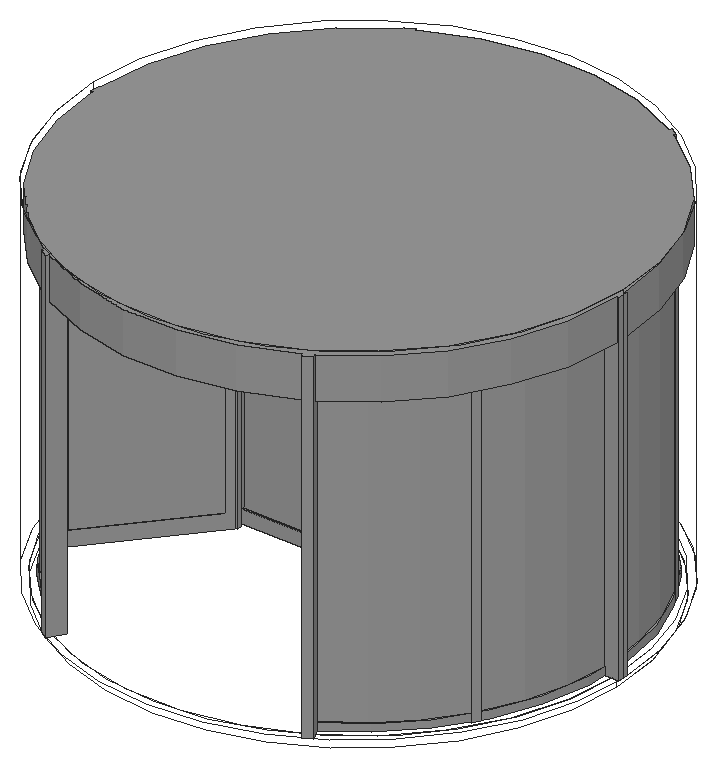
Revit family "RevolvingDoor-dormakaba-KTC_2_Automatic_WallHosted", category Türen, Revit 2018
Family settings
  Basisbauteil = Wand
  OmniClass-Nummer = 23.30.10.17.21
  OmniClass-Titel = Revolving Doors
  Immer vertikal = Ja
  Beim Laden mit Abzugskörper schneiden = Nein
  Gemeinsam genutzt = Nein
  Raumberechnungspunkt = Nein
Parameters (values of type "D3600 With Showcase - Stainless Steel Finish")
  Youtube clip = ""
  URL = "http://www.dorma.com/au/en/products/opening_closing/revolving_doors/ktc-2_en/index-16490-16605-29685.html"
  Typenbild = RevolvingDoor-dormakaba-KTC_2_Automatic_WShowcase_DoorClose.jpg
  Typenkommentare = "Adjust Passage Height (PH) and Canopy Height (CH) to suit"
  Technical description = "https://www.dormakaba.com/resource/blob/179742/3bf65e0c622921a63a9846dfcf28808c/ktc-2-technical-brochure-0813-pdf-data.pdf"
  Sliding Door in OPEN position = not(Sliding Door in CLOSE position)  # no
  Sliding Door in CLOSE position = yes
  Product url = "https://www.dormakaba.com/au-en/products---solutions/products/entrance-systems/revolving-doors/ktc-2-299914"
  Product group = "Revolving Doors"
  Product family = "Doors"
  Product certification = "https://www.dormakaba.com/resource/blob/141262/d8a7a64882db232bbccb94bcdbe00ae8/certificate-ktc-2---din-en-pdf-data.pdf"
  Product SKU = "RD_KTC2"
  Product Brochure = "http://products.dorma.com/content/download/12650/108674/KTC_2_Technical_Brochure_0813.pdf"
  Power Supply = "240V 15Amp Single Phase to the top of canopy"
  Passage Height Range = "2100mm to 3000mm (depending on Internal Diameter, refer Dormakaba catalogue for detail)"
  Passage Height PH (mm) = 2200 mm
  Overall Height H (mm) = Height Limit Control + Canopy Height Limit Control  # 2500 mm
  Nominal width = 0 mm
  Nominal height = 0 mm
  Modell = "KTC-2 Revolving Door"
  Material secondary = "Glass"
  Material main = "Aluminium"
  Manufacturer name = "dormakaba"
  Manufacturer country = "China"
  Hersteller = "dormakaba"
  Internal Diameter Range = "3600, 4200, 4800, 5400mm"
  Internal Diameter Limit Control = if([Internal Diameter D (mm)] < 3600 mm, 3600 mm, if([Internal Diameter D (mm)] > 5400 mm, 5400 mm, [Internal Diameter D (mm)]))  # 3600 mm
  Internal Diameter D (mm) = 3600 mm
  Installation instructions = ""
  Height Limit Control = if([Passage Height PH (mm)] < 2100 mm, 2100 mm, if([Passage Height PH (mm)] > 3000 mm, 3000 mm, [Passage Height PH (mm)]))  # 2200 mm
  Glazing Material = Glass-dormakaba-ClearSafety
  Funktion = Außen
  Finish - Powdercoated Aluminium = not([Finish - Stainless Steel Cladding])  # no
  Finish - Stainless Steel Cladding = yes
  Finish = StainlessSteel-dormakaba-Cladding
  Facade Vertical Opening (mm) = [Overall Height H (mm)] + 40 mm  # 2540 mm
  Facade Opening Clearance Zone = yes
  Facade Horizontal Opening (mm) = [External Diameter B1 (mm)] + 20 mm  # 3866 mm
  External Diameter B1 (mm) = if([Finish - Stainless Steel Cladding], Internal Diameter Limit Control + 246 mm, Internal Diameter Limit Control + 241 mm)  # 3846 mm
  Edition number = 1
  EAN code = ""
  Door Foundation Diameter (mm) = Internal Diameter Limit Control + 165 mm  # 3765 mm
  Door Foundation Clearance Zone = yes
  Design country = "Germany"
  Beschreibung = "Revolving doors two-wing design - A sophisticated entrance system offering both safety and ease of access. High traffic capacity, very effective during peak traffic periods, while also offering unbeatable safety. And there are major additional benefits to be had from the suitability of these doors as display and advertising spaces."
  Date of publishing = ""
  Konstruktionstyp = "Dorma KTC-2 Revolving Door Automatic Operation"
  Clear Opening Width A (mm) = 1618 mm + (Internal Diameter Limit Control - 3600 mm) / 2  # 1618 mm
  Canopy Height Range = "300mm to 700mm"
  Canopy Height Limit Control = if([Canopy Height CH (mm)] < 300 mm, 300 mm, if([Canopy Height CH (mm)] > 700 mm, 700 mm, [Canopy Height CH (mm)]))  # 300 mm
  Canopy Height CH (mm) = 300 mm
  Canopy Diameter B2 (mm) = Internal Diameter Limit Control + 220 mm  # 3820 mm
  Brand url = "http://www.dormakaba.com"
  Baugruppenkennzeichen = "B2030300"
  With Showcase = not(Without Showcase)  # yes
  Without Showcase = no
Types (12, lengths in mm): name | Typenbild | Modell | Internal Diameter Limit Control | Internal Diameter D (mm) | Finish - Powdercoated Aluminium | Finish - Stainless Steel Cladding | Finish | Facade Horizontal Opening (mm) | External Diameter B1 (mm) | Door Foundation Diameter (mm) | Clear Opening Width A (mm) | Canopy Diameter B2 (mm) | With Showcase | Without Showcase
  D3600 Without Showcase - Stainless Steel Finish | RevolvingDoor-dormakaba-KTC_2_Automatic_WOShowcase_DoorClose.jpg | "KTC-2 Revolving Door" | 3600 | 3600 | no | yes | StainlessSteel-dormakaba-Cladding | 3866 | 3846 | 3765 | 1618 | 3820 | no | yes
  D4200 Without Showcase - Stainless Steel Finish | RevolvingDoor-dormakaba-KTC_2_Automatic_WOShowcase_DoorClose.jpg | "KTC 2 Revolving Door" | 4200 | 4200 | no | yes | StainlessSteel-dormakaba-Cladding | 4466 | 4446 | 4365 | 1918 | 4420 | no | yes
  D4200 With Showcase - Stainless Steel Finish | RevolvingDoor-dormakaba-KTC_2_Automatic_WShowcase_DoorClose.jpg | "KTC-2 Revolving Door" | 4200 | 4200 | no | yes | StainlessSteel-dormakaba-Cladding | 4466 | 4446 | 4365 | 1918 | 4420 | yes | no
  D3600 With Showcase - Stainless Steel Finish | RevolvingDoor-dormakaba-KTC_2_Automatic_WShowcase_DoorClose.jpg | "KTC-2 Revolving Door" | 3600 | 3600 | no | yes | StainlessSteel-dormakaba-Cladding | 3866 | 3846 | 3765 | 1618 | 3820 | yes | no
  D4800 With Showcase - Stainless Steel Finish | RevolvingDoor-dormakaba-KTC_2_Automatic_WShowcase_DoorClose.jpg | "KTC-2 Revolving Door" | 4800 | 4800 | no | yes | StainlessSteel-dormakaba-Cladding | 5066 | 5046 | 4965 | 2218 | 5020 | yes | no
  D5400 With Showcase - Stainless Steel Finish | RevolvingDoor-dormakaba-KTC_2_Automatic_WShowcase_DoorClose.jpg | "KTC-2 Revolving Door" | 5400 | 5400 | no | yes | StainlessSteel-dormakaba-Cladding | 5666 | 5646 | 5565 | 2518 | 5620 | yes | no
  D3600 With Showcase - Powdercoat Finish | RevolvingDoor-dormakaba-KTC_2_Automatic_WShowcase_DoorClose.jpg | "KTC-2 Revolving Door" | 3600 | 3600 | yes | no | Aluminium-dormakaba-Powdercoated | 3861 | 3841 | 3765 | 1618 | 3820 | yes | no
  D3600 Without Showcase - Powdercoat Finish | RevolvingDoor-dormakaba-KTC_2_Automatic_WOShowcase_DoorClose.jpg | "KTC-2 Revolving Door" | 3600 | 3600 | yes | no | Aluminium-dormakaba-Powdercoated | 3861 | 3841 | 3765 | 1618 | 3820 | no | yes
  D4200 With Showcase - Powdercoat Finish | RevolvingDoor-dormakaba-KTC_2_Automatic_WShowcase_DoorClose.jpg | "KTC-2 Revolving Door" | 4200 | 4200 | yes | no | Aluminium-dormakaba-Powdercoated | 4461 | 4441 | 4365 | 1918 | 4420 | yes | no
  D4200 Without Showcase - Powdercoat Finish | RevolvingDoor-dormakaba-KTC_2_Automatic_WOShowcase_DoorClose.jpg | "KTC 2 Revolving Door" | 4200 | 4200 | yes | no | Aluminium-dormakaba-Powdercoated | 4461 | 4441 | 4365 | 1918 | 4420 | no | yes
  D4800 With Showcase - Powdercoat Finish | RevolvingDoor-dormakaba-KTC_2_Automatic_WShowcase_DoorClose.jpg | "KTC-2 Revolving Door" | 4800 | 4800 | yes | no | Aluminium-dormakaba-Powdercoated | 5061 | 5041 | 4965 | 2218 | 5020 | yes | no
  D5400 With Showcase - Powdercoat Finish | RevolvingDoor-dormakaba-KTC_2_Automatic_WShowcase_DoorClose.jpg | "KTC-2 Revolving Door" | 5400 | 5400 | yes | no | Aluminium-dormakaba-Powdercoated | 5661 | 5641 | 5565 | 2518 | 5620 | yes | no
Reference planes
  plane 1 "Wall": y = 0
  plane 2 "Center (Left/Right)": x = 125
  plane 3 "Back": y = 75
Lines and regions (mm)
  Opening 1
    outline origin (-5000, -75, 0) x (1, 0, 0) y (0, 0, 1)
      loop
        line (3192, 0) -> (7058, 0) -> (7058, 2540) -> (3192, 2540) -> (3192, 0)
Text (mm)
  text "Placement Side" at (-3074.232, 985.861, 0), in view "Ref. Level"
  text "Placement side" at (0, 1409.804, 2854.306), in view "Left"
  text "Placement side" at (0, 499.811, 2980.732), in view "Right"
Dimensions and locks
  locked: plane 3 "Back" to host wall
  equal spacing: Opening 1 sketch curve, plane 2 "Center (Left/Right)", Opening 1 sketch curve
  "Facade Horizontal Opening (mm)": Opening 1 sketch curve to Opening 1 sketch curve
  "Facade Vertical Opening (mm)": Opening 1 sketch curve to level
  aligned and locked: host wall to plane 1 "Wall"
  aligned and locked: nested 1 to plane 2 "Center (Left/Right)"
  aligned and locked: nested 1 to host wall
Automatic sketch dimensions
  Opening 1 sketch curve to level = 0 mm
Nested families
  nested 1: "KTC 2  Revolver AUS" at (125, 0, 0), type "KTC 2"
Definition of nested family "KTC 2  Revolver AUS"
  Parameters (values of type "KTC 2")
    URL = "http://www.dorma.com/au/en/products/opening_closing/revolving_doors/ktc-2_en/index-16490-16605-29685.html"
    Type Image = (empty or 0)
    Type Comments = ""
    Sliding Door in OPEN position = not(Sliding Door in CLOSE position)  # no
    Sliding Door in CLOSE position = yes
    Product Brochure = "http://products.dorma.com/content/download/12650/108674/KTC_2_Technical_Brochure_0813.pdf"
    Power Supply = "240V 15Amp Single Phase to the top of canopy"
    Passage Height Range = "2100mm to 3000mm (depending on Internal Diameter, refer Dormakaba catalogue for detail)"
    Passage Height PH (mm) = 2200 mm
    Overall Height H (mm) = Height Limit Control + [Canopy Height CH (mm)]  # 2500 mm
    Model = "KTC 2 Revolving Door"
    Manufacturer = "dormakaba"
    Internal Diameter Range = "3600, 4200, 4800, 5400mm"
    Internal Diameter Limit Control = if([Internal Diameter D (mm)] < 3600 mm, 3600 mm, if([Internal Diameter D (mm)] > 5400 mm, 5400 mm, [Internal Diameter D (mm)]))  # 3600 mm
    Internal Diameter D (mm) = 3600 mm
    Height Limit Control = if([Passage Height PH (mm)] < 2100 mm, 2100 mm, if([Passage Height PH (mm)] > 3000 mm, 3000 mm, [Passage Height PH (mm)]))  # 2200 mm
    Glazing Material = none
    Function = 1
    Finish - Powdercoated Aluminium = not([Finish - Stainless Steel Cladding])  # no
    Finish - Stainless Steel Cladding = yes
    Finish = none
    Facade Vertical Opening (mm) = [Overall Height H (mm)] + 40 mm  # 2540 mm
    Facade Opening Clearance Zone = yes
    Facade Horizontal Opening (mm) = [External Diameter B1 (mm)] + 20 mm  # 3866 mm
    External Diameter B1 (mm) = if([Finish - Stainless Steel Cladding], Internal Diameter Limit Control + 246 mm, Internal Diameter Limit Control + 241 mm)  # 3846 mm
    Door Foundation Diameter (mm) = Internal Diameter Limit Control + 165 mm  # 3765 mm
    Door Foundation Clearance Zone = yes
    Description = "Revolving doors two-wing design - A sophisticated entrance system offering both safety and ease of access. High traffic capacity, very effective during peak traffic periods, while also offering unbeatable safety. And there are major additional benefits to be had from the suitability of these doors as display and advertising spaces."
    Construction Type = "Dorma KTC 2 Revolving Door Automatic Operation"
    Clear Opening Width A (mm) = 1618 mm + (Internal Diameter Limit Control - 3600 mm) / 2  # 1618 mm
    Canopy Height Range = "300mm to 700mm"
    Canopy Height CH (mm) = 300 mm
    Canopy Diameter B2 (mm) = Internal Diameter Limit Control + 220 mm  # 3820 mm
    BIM Version = "V17.11.17 - LK"
    Assembly Code = "B2030300"
    Analytic Construction = "<None>"
    With Showcase = not(Without Showcase)  # no
    Without Showcase = yes
  Reference planes
    plane 1 "Center (Front/Back)": y = 0
    plane 2: z = 0
    plane 3 "Center (Left/Right)": x = 0
    plane 4 "Ceiling": z = 2200
    plane 5 "Roof": z = 2500
  Forms (mm)
    Extrusion 1, solid, material <- "Finish"
      sketch origin (0, 0, 0) x (1, 0, 0) y (0, 1, 0)
        loop
          line (1798, -36.5) -> (1923, -36.5) -> (1923, 36.5) -> (1798, 36.5) -> (1798, -36.5)
        loop
          line (-1923, 36.5) -> (-1923, -36.5) -> (-1798, -36.5) -> (-1798, 36.5) -> (-1923, 36.5)
        loop
          line (-931.89, -1687.081) -> (-868.39, -1577.096) -> (-931.61, -1540.596) -> (-995.11, -1650.581) -> (-931.89, -1687.081)
        loop
          line (931.89, -1687.081) -> (995.11, -1650.581) -> (931.61, -1540.596) -> (868.39, -1577.096) -> (931.89, -1687.081)
        loop
          line (-931.89, 1687.081) -> (-995.11, 1650.581) -> (-931.61, 1540.596) -> (-868.39, 1577.096) -> (-931.89, 1687.081)
        loop
          line (931.89, 1687.081) -> (868.39, 1577.096) -> (931.61, 1540.596) -> (995.11, 1650.581) -> (931.89, 1687.081)
      from 0 to 2500 <- "Overall Height H (mm)"
    Extrusion 2, solid, visible <- "Door Foundation Clearance Zone"
      sketch origin (0, 0, 0) x (1, 0, 0) y (0, 1, 0)
        loop
          circle (0, 0) r 1882.5
      from 0 to -80
    Extrusion 3, solid, visible <- "Facade Opening Clearance Zone"
      sketch origin (0, 0, 0) x (1, 0, 0) y (0, 1, 0)
        loop
          circle (0, 0) r 1933
      from 0 to 2540 <- "Facade Vertical Opening (mm)"
    Extrusion 4, solid, material <- "Finish"
      sketch origin (0, 0, 2200) x (-1, 0, 0) y (0, -1, 0)
        loop
          circle (0, 0) r 1910
      from 0 to 300 <- "Canopy Height CH (mm)"
    Extrusion 5, solid, material <- "Finish"
      sketch origin (0, 0, 0) x (1, 0, 0) y (0, 1, 0)
        loop
          line (-1545.096, -923.816) -> (-1572.596, -876.184) -> (-1600.309, -892.184) -> (-1572.809, -939.816) -> (-1545.096, -923.816)
        loop
          line (1545.096, -923.816) -> (1572.809, -939.816) -> (1600.309, -892.184) -> (1572.596, -876.184) -> (1545.096, -923.816)
        loop
          line (-1545.096, 923.816) -> (-1572.809, 939.816) -> (-1600.309, 892.184) -> (-1572.596, 876.184) -> (-1545.096, 923.816)
        loop
          line (1545.096, 923.816) -> (1572.596, 876.184) -> (1600.309, 892.184) -> (1572.809, 939.816) -> (1545.096, 923.816)
      from 0 to 2200 <- "Height Limit Control"
    Extrusion 6, solid, material <- "Finish"
      sketch origin (0, 0, 0) x (1, 0, 0) y (0, 1, 0)
        loop
          line (-900, 1558.846) -> (-916, 1586.559)
          arc (-916, 1586.559) -> (-1832, 0) -> (-916, -1586.559) r 1832
          line (-916, -1586.559) -> (-900, -1558.846)
          arc (-900, -1558.846) -> (-1800, 0) -> (-900, 1558.846) r 1800
        loop
          arc (900, 1558.846) -> (1800, 0) -> (900, -1558.846) r 1800
          line (900, -1558.846) -> (916, -1586.559)
          arc (916, -1586.559) -> (1832, 0) -> (916, 1586.559) r 1832
          line (916, 1586.559) -> (900, 1558.846)
      from 0 to 55
    Extrusion 7, solid, material <- "Glazing Material"
      sketch origin (0, 0, 0) x (1, 0, 0) y (0, 1, 0)
        loop
          line (-1551.843, -927.711) -> (-1559.638, -932.212)
          arc (-1559.638, -932.212) -> (-1287.992, -1281.627) -> (-939.927, -1555.001) r 1817
          line (-939.927, -1555.001) -> (-935.426, -1547.205)
          arc (-935.426, -1547.205) -> (-1281.628, -1275.263) -> (-1551.843, -927.711) r 1808
        loop
          line (-1807.632, -36.5) -> (-1816.633, -36.5)
          arc (-1816.633, -36.5) -> (-1753.917, -474.62) -> (-1587.138, -884.58) r 1817
          line (-1587.138, -884.58) -> (-1579.343, -880.08)
          arc (-1579.343, -880.08) -> (-1745.224, -472.291) -> (-1807.632, -36.5) r 1808
        loop
          arc (1551.843, -927.711) -> (1281.628, -1275.263) -> (935.426, -1547.205) r 1808
          line (935.426, -1547.205) -> (939.927, -1555.001)
          arc (939.927, -1555.001) -> (1287.992, -1281.627) -> (1559.638, -932.212) r 1817
          line (1559.638, -932.212) -> (1551.843, -927.711)
        loop
          arc (1807.632, -36.5) -> (1745.224, -472.291) -> (1579.343, -880.08) r 1808
          line (1579.343, -880.08) -> (1587.138, -884.58)
          arc (1587.138, -884.58) -> (1753.917, -474.62) -> (1816.633, -36.5) r 1817
          line (1816.633, -36.5) -> (1807.632, -36.5)
        loop
          arc (-1551.843, 927.711) -> (-1281.628, 1275.263) -> (-935.426, 1547.205) r 1808
          line (-935.426, 1547.205) -> (-939.927, 1555.001)
          arc (-939.927, 1555.001) -> (-1287.992, 1281.627) -> (-1559.638, 932.212) r 1817
          line (-1559.638, 932.212) -> (-1551.843, 927.711)
        loop
          arc (-1807.632, 36.5) -> (-1745.224, 472.291) -> (-1579.343, 880.08) r 1808
          line (-1579.343, 880.08) -> (-1587.138, 884.58)
          arc (-1587.138, 884.58) -> (-1753.917, 474.62) -> (-1816.633, 36.5) r 1817
          line (-1816.633, 36.5) -> (-1807.632, 36.5)
        loop
          line (1551.843, 927.711) -> (1559.638, 932.212)
          arc (1559.638, 932.212) -> (1287.992, 1281.627) -> (939.927, 1555.001) r 1817
          line (939.927, 1555.001) -> (935.426, 1547.205)
          arc (935.426, 1547.205) -> (1281.628, 1275.263) -> (1551.843, 927.711) r 1808
        loop
          line (1807.632, 36.5) -> (1816.633, 36.5)
          arc (1816.633, 36.5) -> (1753.917, 474.62) -> (1587.138, 884.58) r 1817
          line (1587.138, 884.58) -> (1579.343, 880.08)
          arc (1579.343, 880.08) -> (1745.224, 472.291) -> (1807.632, 36.5) r 1808
      from 55 to 2200 <- "Height Limit Control"
    Extrusion 8, solid, material <- "Finish"
      sketch origin (0, 0, 0) x (1, 0, 0) y (0, 1, 0)
        loop
          arc (-1595.102, 743.808) -> (-1758.325, -76.77) -> (-1524.205, -880) r 1760
          line (-1524.205, -880) -> (-1501.688, -867)
          arc (-1501.688, -867) -> (-1732.35, -75.636) -> (-1571.538, 732.82) r 1734
          line (-1571.538, 732.82) -> (-1595.102, 743.808)
        loop
          line (1524.205, 880) -> (1501.688, 867)
          arc (1501.688, 867) -> (1732.35, 75.636) -> (1571.538, -732.82) r 1734
          line (1571.538, -732.82) -> (1595.102, -743.808)
          arc (1595.102, -743.808) -> (1758.325, 76.77) -> (1524.205, 880) r 1760
      from 40 to 140
    Extrusion 9, solid, material <- "Finish"
      sketch origin (0, 0, 2200) x (-1, 0, 0) y (0, -1, 0)
        loop
          line (1571.538, -732.82) -> (1595.102, -743.808)
          arc (1595.102, -743.808) -> (1758.325, 76.77) -> (1524.205, 880) r 1760
          line (1524.205, 880) -> (1501.688, 867)
          arc (1501.688, 867) -> (1732.35, 75.636) -> (1571.538, -732.82) r 1734
        loop
          line (-1571.538, 732.82) -> (-1595.102, 743.808)
          arc (-1595.102, 743.808) -> (-1758.325, -76.77) -> (-1524.205, -880) r 1760
          line (-1524.205, -880) -> (-1501.688, -867)
          arc (-1501.688, -867) -> (-1732.35, -75.636) -> (-1571.538, 732.82) r 1734
      from 0 to -100
    Extrusion 10, solid, material <- "Finish"
      sketch origin (0, 0, 0) x (1, 0, 0) y (0, 1, 0)
        loop
          line (-1571.538, 732.82) -> (-1595.102, 743.808)
          arc (-1595.102, 743.808) -> (-1611.599, 707.354) -> (-1627.262, 670.535) r 1760
          line (-1627.262, 670.535) -> (-1603.674, 659.535)
          arc (-1603.674, 659.535) -> (-1588.029, 696.363) -> (-1571.538, 732.82) r 1734
        loop
          line (-1524.205, -880) -> (-1501.688, -867)
          arc (-1501.688, -867) -> (-1521.294, -832.119) -> (-1540.089, -796.795) r 1734
          line (-1540.089, -796.795) -> (-1562.629, -809.808)
          arc (-1562.629, -809.808) -> (-1543.816, -845.123) -> (-1524.205, -880) r 1760
        loop
          line (1524.205, 880) -> (1501.688, 867)
          arc (1501.688, 867) -> (1521.294, 832.119) -> (1540.089, 796.795) r 1734
          line (1540.089, 796.795) -> (1562.629, 809.808)
          arc (1562.629, 809.808) -> (1543.816, 845.123) -> (1524.205, 880) r 1760
        loop
          line (1571.538, -732.82) -> (1595.102, -743.808)
          arc (1595.102, -743.808) -> (1611.599, -707.354) -> (1627.262, -670.535) r 1760
          line (1627.262, -670.535) -> (1603.674, -659.535)
          arc (1603.674, -659.535) -> (1588.029, -696.363) -> (1571.538, -732.82) r 1734
      from 40 to 2200 <- "Height Limit Control"
    Extrusion 11, solid, material <- "Glazing Material"
      sketch origin (0, 0, 0) x (1, 0, 0) y (0, 1, 0)
        loop
          line (-1612.746, 663.766) -> (-1618.19, 666.304)
          arc (-1618.19, 666.304) -> (-1748.334, -76.334) -> (-1553.96, -804.803) r 1750
          line (-1553.96, -804.803) -> (-1548.758, -801.8)
          arc (-1548.758, -801.8) -> (-1742.34, -76.072) -> (-1612.746, 663.766) r 1744
        loop
          arc (1548.758, 801.8) -> (1742.34, 76.072) -> (1612.746, -663.766) r 1744
          line (1612.746, -663.766) -> (1618.19, -666.304)
          arc (1618.19, -666.304) -> (1748.334, 76.334) -> (1553.96, 804.803) r 1750
          line (1553.96, 804.803) -> (1548.758, 801.8)
      from 140 to 2200 <- "Height Limit Control"
    Extrusion 12, solid, material <- "Finish"
      sketch origin (0, 0, 0) x (1, 0, 0) y (0, 1, 0)
        loop
          line (-827.5, -42) -> (-1733.491, -42)
          arc (-1733.491, -42) -> (-1733.127, -55.002) -> (-1732.666, -68) r 1734
          line (-1732.666, -68) -> (-827.5, -68) -> (-827.5, -42)
        loop
          line (827.5, 42) -> (1733.491, 42)
          arc (1733.491, 42) -> (1733.127, 55.002) -> (1732.666, 68) r 1734
          line (1732.666, 68) -> (827.5, 68) -> (827.5, 42)
      from 40 to 164
    Extrusion 13, solid, material <- "Finish"
      sketch origin (0, 0, 2200) x (-1, 0, 0) y (0, -1, 0)
        loop
          arc (1733.491, 42) -> (1733.127, 55.002) -> (1732.666, 68) r 1734
          line (1732.666, 68) -> (827.5, 68) -> (827.5, 42) -> (1733.491, 42)
        loop
          line (-827.5, -42) -> (-1733.491, -42)
          arc (-1733.491, -42) -> (-1733.127, -55.002) -> (-1732.666, -68) r 1734
          line (-1732.666, -68) -> (-827.5, -68) -> (-827.5, -42)
      from 0 to -124
    Extrusion 14, solid, material <- "Finish"
      sketch origin (0, 0, 0) x (1, 0, 0) y (0, 1, 0)
        loop
          line (-953.5, -42) -> (-953.5, -68) -> (-827.5, -68) -> (-827.5, -42) -> (-953.5, -42)
        loop
          arc (-1733.491, -42) -> (-1733.127, -55.002) -> (-1732.666, -68) r 1734
          line (-1732.666, -68) -> (-1625.491, -68) -> (-1625.491, -42) -> (-1733.491, -42)
        loop
          line (827.5, 42) -> (953.5, 42) -> (953.5, 68) -> (827.5, 68) -> (827.5, 42)
        loop
          line (1732.666, 68) -> (1625.491, 68) -> (1625.491, 42) -> (1733.491, 42)
          arc (1733.491, 42) -> (1733.127, 55.002) -> (1732.666, 68) r 1734
      from 40 to 2200 <- "Height Limit Control"
    Extrusion 15, solid, material <- "Glazing Material"
      sketch origin (0, 0, 0) x (1, 0, 0) y (0, 1, 0)
        loop
          line (-1625.491, -58) -> (-953.5, -58) -> (-953.5, -52) -> (-1625.491, -52) -> (-1625.491, -58)
        loop
          line (953.5, 52) -> (1625.491, 52) -> (1625.491, 58) -> (953.5, 58) -> (953.5, 52)
      from 164 to 2200 <- "Height Limit Control"
    Extrusion 16, solid, material <- "Finish", visible <- "With Showcase"
      sketch origin (0, 0, 0) x (1, 0, 0) y (0, 1, 0)
        loop
          line (-841.414, -77.168) -> (-873.348, -72.11) -> (-1498.737, -844.401) -> (-1487.15, -874.585) -> (-841.414, -77.168)
        loop
          line (838.817, 76.906) -> (870.751, 71.848) -> (1497.495, 845.813) -> (1485.908, 875.997) -> (838.817, 76.906)
      from 40 to 140
    Extrusion 17, solid, material <- "Finish", visible <- "With Showcase"
      sketch origin (0, 0, 2200) x (-1, 0, 0) y (0, -1, 0)
        loop
          line (1498.737, 844.401) -> (1487.15, 874.585) -> (841.414, 77.168) -> (873.348, 72.11) -> (1498.737, 844.401)
        loop
          line (-1497.495, -845.813) -> (-1485.908, -875.997) -> (-838.817, -76.906) -> (-870.751, -71.848) -> (-1497.495, -845.813)
      from 0 to -100
    Extrusion 18, solid, material <- "Finish", visible <- "With Showcase"
      sketch origin (0, 0, 0) x (1, 0, 0) y (0, 1, 0)
        loop
          line (-1498.737, -844.401) -> (-1487.15, -874.585) -> (-1453.167, -832.619) -> (-1474.927, -814.998) -> (-1498.737, -844.401)
        loop
          line (-841.414, -77.168) -> (-873.348, -72.11) -> (-897.157, -101.513) -> (-875.397, -119.134) -> (-841.414, -77.168)
        loop
          line (1497.495, 845.813) -> (1485.908, 875.997) -> (1451.925, 834.031) -> (1473.685, 816.41) -> (1497.495, 845.813)
        loop
          line (838.817, 76.906) -> (870.751, 71.848) -> (894.56, 101.251) -> (872.8, 118.872) -> (838.817, 76.906)
      from 40 to 2200 <- "Height Limit Control"
    Extrusion 19, solid, material <- "Glazing Material", visible <- "With Showcase"
      sketch origin (0, 0, 0) x (1, 0, 0) y (0, 1, 0)
        loop
          line (-888.609, -108.435) -> (-1466.378, -821.921) -> (-1461.715, -825.697) -> (-883.946, -112.211) -> (-888.609, -108.435)
        loop
          line (1460.473, 827.109) -> (881.349, 111.949) -> (886.012, 108.174) -> (1465.136, 823.333) -> (1460.473, 827.109)
      from 140 to 2200 <- "Height Limit Control"
  Cuts and joins
    joined: Extrusion 1, Extrusion 4
    joined: Extrusion 8, Extrusion 9, Extrusion 10
    joined: Extrusion 12, Extrusion 13, Extrusion 14
    joined: Extrusion 16, Extrusion 17, Extrusion 18
  Lines and regions (mm)
    reference lines
      curve 1: circle (0, 0, 0) r 1923 normal (0, 0, 1)
      curve 2: circle (0, 0, 0) r 1800 normal (0, 0, 1)
    symbolic lines
      curve 3: line (1933, 0, 0) -> (1933, 0, 2540)
      curve 4: line (1933, 0, 2540) -> (-1933, 0, 2540)
      curve 5: line (-1933, 0, 2540) -> (-1933, 0, 0)
    symbolic lines, not visible
      curve 6: line (0, 0, 2200) -> (-1800, -3117.691, 2200)
      curve 7: line (0, 0, 2200) -> (1880, -3256.256, 2200)
      curve 8: line (0, 0, 2200) -> (-3717.421, -2146.254, 2200)
      curve 9: line (0, 0, 2200) -> (3897.114, -2250, 2200)
      curve 10: line (0, 0, 2200) -> (-1800, 3117.691, 2200)
      curve 11: line (0, 0, 2200) -> (1880, 3256.256, 2200)
      curve 12: line (0, 0, 2200) -> (-3717.421, 2146.254, 2200)
      curve 13: line (0, 0, 2200) -> (3897.114, 2250, 2200)
      curve 14: line (0, 0, 0) -> (-3919.549, 1827.716, 0)
      curve 15: line (0, 0, 0) -> (3897.123, -1817.259, 0)
      curve 16: line (-809, 1088.13, 0) -> (-809, -880.76, 0)
      curve 17: line (-809, -880.76, 0) -> (809, 916.211, 0)
      curve 18: line (809, 916.211, 0) -> (809, -1031.87, 0)
  Dimensions and locks
    locked: Extrusion 1 sketch curve to Extrusion 1 sketch curve at 125  (x2)
    locked: Extrusion 1 sketch curve to Extrusion 1 sketch curve at 73  (x6)
    locked: Extrusion 1 sketch curve to curve 1  (x2)
    locked: Extrusion 1 sketch curve to plane 1 "Center (Front/Back)" at 36.5
    locked: plane 1 "Center (Front/Back)" to Extrusion 1 sketch curve at 36.5
    "Canopy Height CH (mm)": plane 5 "Roof" to plane 4 "Ceiling"
    "Height Limit Control": plane 4 "Ceiling" to level
    "Facade Horizontal Opening (mm)": curve 5 to curve 3
    equal spacing: curve 5, plane 3 "Center (Left/Right)", curve 3
    "Facade Vertical Opening (mm)": Extrusion 3 to curve 4
    locked: Extrusion 1 sketch curve to curve 6 at 36.5
    locked: Extrusion 1 sketch curve to Extrusion 1 sketch curve at 127  (x4)
    locked: curve 2 to Extrusion 1 sketch curve at 0
    locked: curve 7 to Extrusion 1 sketch curve at 36.5
    locked: Extrusion 1 sketch curve to curve 2 at 0  (x3)
    locked: curve 10 to Extrusion 1 sketch curve at 36.5
    locked: Extrusion 1 sketch curve to curve 11 at 36.5
    locked: Extrusion 5 sketch curve to curve 8 at 27.5
    locked: Extrusion 5 sketch curve to Extrusion 5 sketch curve at 55  (x4)
    locked: Extrusion 5 sketch curve to Extrusion 5 sketch curve at 32  (x4)
    locked: curve 2 to Extrusion 5 sketch curve at 0
    locked: curve 9 to Extrusion 5 sketch curve at 27.5
    locked: Extrusion 5 sketch curve to curve 2
    locked: Extrusion 5 sketch curve to curve 13 at 27.5
    locked: Extrusion 5 sketch curve to curve 2 at 0  (x2)
    locked: curve 12 to Extrusion 5 sketch curve at 27.5
    locked: cut or joined group of Extrusion 1, Extrusion 4 to Extrusion 6 sketch curve at 32  (x2)
    locked: cut or joined group of Extrusion 1, Extrusion 4 to Extrusion 7 sketch curve at 8  (x4)
    locked: cut or joined group of Extrusion 1, Extrusion 4 to Extrusion 7 sketch curve at 17  (x4)
    locked: Extrusion 7 sketch curve to cut or joined group of Extrusion 1, Extrusion 4 at 10  (x2)
    locked: Extrusion 7 sketch curve to cut or joined group of Extrusion 1, Extrusion 4 at 19  (x2)
    locked: cut or joined group of Extrusion 1, Extrusion 4 to Extrusion 7 sketch curve at 10  (x2)
    locked: cut or joined group of Extrusion 1, Extrusion 4 to Extrusion 7 sketch curve at 19  (x2)
    locked: cut or joined group of Extrusion 1, Extrusion 4 to Extrusion 8 sketch curve at 38
    locked: cut or joined group of Extrusion 1, Extrusion 4 to Extrusion 8 sketch curve at 64
    locked: Extrusion 8 sketch curve to cut or joined group of Extrusion 1, Extrusion 4 at 38
    locked: Extrusion 8 sketch curve to cut or joined group of Extrusion 1, Extrusion 4 at 64
    locked: Extrusion 10 sketch curve to Extrusion 8 at 80
    locked: Extrusion 8 to Extrusion 10 sketch curve at 80  (x3)
    locked: cut or joined group of Extrusion 1, Extrusion 4 to Extrusion 11 sketch curve at 48
    locked: cut or joined group of Extrusion 1, Extrusion 4 to Extrusion 11 sketch curve at 54
    locked: Extrusion 11 sketch curve to cut or joined group of Extrusion 1, Extrusion 4 at 48
    locked: Extrusion 11 sketch curve to cut or joined group of Extrusion 1, Extrusion 4 at 54
    equal spacing: curve 16, plane 3 "Center (Left/Right)", curve 18
    "Clear Opening Width A (mm)": curve 16 to curve 18
    locked: plane 1 "Center (Front/Back)" to Extrusion 12 sketch curve at 42  (x2)
    locked: Extrusion 12 sketch curve to Extrusion 12 sketch curve at 26  (x2)
    locked: Extrusion 12 sketch curve to curve 16 at 18.5
    locked: curve 18 to Extrusion 12 sketch curve at 18.5
    locked: Extrusion 14 sketch curve to Extrusion 12 at 126
    locked: Extrusion 14 sketch curve to Extrusion 14 sketch curve at 108  (x2)
    locked: Extrusion 12 to Extrusion 14 sketch curve at 126
    locked: cut or joined group of Extrusion 12, Extrusion 13, Extrusion 14 to Extrusion 15 sketch curve at 10  (x2)
    locked: Extrusion 15 sketch curve to Extrusion 15 sketch curve at 6  (x2)
    locked: Extrusion 16 sketch curve to Extrusion 5 at 74.798
    locked: Extrusion 16 sketch curve to cut or joined group of Extrusion 12, Extrusion 13, Extrusion 14 at 9.168
    locked: Extrusion 16 sketch curve to Extrusion 16 sketch curve at 28  (x2)
    locked: Extrusion 16 sketch curve to Extrusion 5 at 75.167
    locked: Extrusion 16 sketch curve to cut or joined group of Extrusion 12, Extrusion 13, Extrusion 14 at 8.906
    locked: Extrusion 18 sketch curve to Extrusion 18 sketch curve at 54  (x4)
    locked: cut or joined group of Extrusion 16, Extrusion 17, Extrusion 18 to Extrusion 19 sketch curve at 11  (x3)
    locked: Extrusion 19 sketch curve to cut or joined group of Extrusion 16, Extrusion 17, Extrusion 18 at 11
    locked: Extrusion 16 sketch curve to cut or joined group of Extrusion 12, Extrusion 13, Extrusion 14 at 13.914
    locked: cut or joined group of Extrusion 12, Extrusion 13, Extrusion 14 to Extrusion 16 sketch curve at 11.317
    "Internal Diameter Limit Control": diameter of curve 2
    "Door Foundation Diameter (mm)": diameter of Extrusion 2 sketch curve
    "Facade Horizontal Opening (mm)": diameter of Extrusion 3 sketch curve
    "External Diameter B1 (mm)": diameter of curve 1
    "Canopy Diameter B2 (mm)": diameter of Extrusion 4 sketch curve
    locked: curve 6 to plane 3 "Center (Left/Right)" (angle 30.00°)
    locked: plane 3 "Center (Left/Right)" to curve 7 (angle 30.00°)
    locked: plane 1 "Center (Front/Back)" to curve 8 (angle 30.00°)
    locked: curve 9 to plane 1 "Center (Front/Back)" (angle 30.00°)
    locked: curve 12 to plane 1 "Center (Front/Back)" (angle 30.00°)
    locked: plane 1 "Center (Front/Back)" to curve 13 (angle 30.00°)
    locked: plane 3 "Center (Left/Right)" to curve 10 (angle 30.00°)
    locked: curve 11 to plane 3 "Center (Left/Right)" (angle 30.00°)
    locked: curve 12 to curve 14 (angle 5.00°)
    locked: curve 9 to curve 15 (angle 5.00°)
    locked: cut or joined group of Extrusion 12, Extrusion 13, Extrusion 14 to Extrusion 16 sketch curve (angle 51.00°)  (x2)
    locked: Extrusion 16 sketch curve to cut or joined group of Extrusion 12, Extrusion 13, Extrusion 14 (angle 9.00°)  (x2)
    locked: Extrusion 16 sketch curve to Extrusion 5 (angle 9.00°)  (x2)
    aligned and locked: level to plane 2
    aligned and locked: Extrusion 6 sketch curve to curve 6
    aligned and locked: Extrusion 6 sketch curve to curve 10
    aligned and locked: Extrusion 6 sketch curve to curve 11
    aligned and locked: Extrusion 6 sketch curve to curve 7
    aligned and locked: Extrusion 6 sketch curve to curve 2  (x2)
    aligned and locked: Extrusion 7 sketch curve to cut or joined group of Extrusion 1, Extrusion 4  (x4)
    aligned and locked: Extrusion 5 to Extrusion 7 sketch curve  (x4)
    aligned and locked: Extrusion 7 sketch curve to Extrusion 5  (x4)
    aligned and locked: cut or joined group of Extrusion 1, Extrusion 4 to Extrusion 7 sketch curve  (x4)
    aligned and locked: Extrusion 8 sketch curve to curve 14
    aligned and locked: Extrusion 8 sketch curve to curve 8
    aligned and locked: Extrusion 8 sketch curve to curve 13
    aligned and locked: Extrusion 8 sketch curve to curve 15
    aligned and locked: Extrusion 9 sketch curve to Extrusion 8  (x8)
    aligned and locked: Extrusion 10 sketch curve to Extrusion 8  (x12)
    aligned and locked: Extrusion 11 sketch curve to cut or joined group of Extrusion 8, Extrusion 9, Extrusion 10  (x2)
    aligned and locked: cut or joined group of Extrusion 8, Extrusion 9, Extrusion 10 to Extrusion 11 sketch curve  (x2)
    aligned and locked: Extrusion 12 sketch curve to cut or joined group of Extrusion 8, Extrusion 9, Extrusion 10  (x2)
    aligned and locked: Extrusion 13 sketch curve to Extrusion 12  (x8)
    aligned and locked: Extrusion 14 sketch curve to Extrusion 12  (x8)
    aligned and locked: Extrusion 12 to Extrusion 14 sketch curve  (x2)
    aligned and locked: Extrusion 15 sketch curve to cut or joined group of Extrusion 12, Extrusion 13, Extrusion 14  (x4)
    aligned and locked: Extrusion 17 sketch curve to Extrusion 16  (x8)
    aligned and locked: Extrusion 18 sketch curve to Extrusion 16  (x8)
    aligned and locked: Extrusion 16 to Extrusion 18 sketch curve  (x4)
    aligned and locked: cut or joined group of Extrusion 16, Extrusion 17, Extrusion 18 to Extrusion 19 sketch curve  (x4)
    aligned and locked: nested 1 to plane 1 "Center (Front/Back)"
    aligned and locked: nested 1 to plane 3 "Center (Left/Right)"
  Automatic sketch dimensions
    curve 1 to curve 2 = 0 mm  (x2)
    plane 1 "Center (Front/Back)" to curve 2 = 0 mm
    curve 2 to plane 3 "Center (Left/Right)" = 0 mm
    plane 1 "Center (Front/Back)" to Extrusion 2 sketch curve = 0 mm
    Extrusion 2 sketch curve to plane 3 "Center (Left/Right)" = 0 mm
    plane 1 "Center (Front/Back)" to Extrusion 3 sketch curve = 0 mm
    Extrusion 3 sketch curve to plane 3 "Center (Left/Right)" = 0 mm
    curve 5 to level = 0 mm
    curve 3 to level = 0 mm
    plane 1 "Center (Front/Back)" to Extrusion 4 sketch curve = 0 mm
    Extrusion 4 sketch curve to plane 3 "Center (Left/Right)" = 0 mm
    plane 1 "Center (Front/Back)" to curve 7 = 0 mm
    curve 7 to plane 3 "Center (Left/Right)" = 0 mm
    Extrusion 6 sketch curve to Extrusion 6 sketch curve = 0 mm  (x6)
    Extrusion 7 sketch curve to Extrusion 7 sketch curve = 0 mm  (x33)
    Extrusion 7 sketch curve to plane 3 "Center (Left/Right)" = 0 mm
    Extrusion 8 sketch curve to Extrusion 8 sketch curve = 0 mm  (x8)
    plane 1 "Center (Front/Back)" to Extrusion 8 sketch curve = 0 mm
    Extrusion 8 sketch curve to plane 3 "Center (Left/Right)" = 0 mm
    Extrusion 11 sketch curve to Extrusion 11 sketch curve = 0 mm  (x10)
    plane 1 "Center (Front/Back)" to Extrusion 11 sketch curve = 0 mm
    Extrusion 11 sketch curve to plane 3 "Center (Left/Right)" = 0 mm
    plane 1 "Center (Front/Back)" to curve 15 = 0 mm
    curve 15 to plane 3 "Center (Left/Right)" = 0 mm
    plane 1 "Center (Front/Back)" to curve 17 = 880.76 mm
    plane 1 "Center (Front/Back)" to curve 18 = 1031.87 mm
    curve 17 to plane 1 "Center (Front/Back)" = 916.211 mm
    curve 16 to plane 1 "Center (Front/Back)" = 1088.13 mm
    Extrusion 14 sketch curve to Extrusion 14 sketch curve = 0.825 mm
    Extrusion 14 sketch curve to Extrusion 14 sketch curve = 26 mm
  Nested families
    nested 1: "KTC 2 Door Leaf" at (0, 0, 0), type "KTC 2 Door Leaf"
  Definition of nested family "KTC 2 Door Leaf"
    Parameters (values of type "KTC 2 Door Leaf")
      URL = ""
      Type Image = (empty or 0)
      Type Comments = ""
      Sliding Door in OPEN position = not(Sliding Door in CLOSE position)  # no
      Sliding Door in CLOSE position = yes
      Sliding Door Position = if(Sliding Door in CLOSE position, 10 mm, [Clear Opening Width A (mm)])  # 10 mm
      Passage Height PH (mm) = 2200 mm
      Overall Height H (mm) = Height Limit Control + [Canopy Height CH (mm)]  # 2500 mm
      Model = ""
      Manufacturer = "dormakaba"
      Internal Diameter Limit Control = if([Internal Diameter D (mm)] < 3600 mm, 3600 mm, if([Internal Diameter D (mm)] > 5400 mm, 5400 mm, [Internal Diameter D (mm)]))  # 3600 mm
      Internal Diameter D (mm) = 3600 mm
      Height Limit Control = if([Passage Height PH (mm)] < 2100 mm, 2100 mm, if([Passage Height PH (mm)] > 3000 mm, 3000 mm, [Passage Height PH (mm)]))  # 2200 mm
      Glazing Material = none
      Finsih = none
      Finish - Powdercoated Aluminium = not([Finish - Stainless Steel Cladding])  # no
      Finish - Stainless Steel Cladding = yes
      Facade Vertical Opening (mm) = [Overall Height H (mm)] + 40 mm  # 2540 mm
      Facade Horizontal Opening (mm) = [External Diameter B1 (mm)] + 20 mm  # 3866 mm
      External Diameter B1 (mm) = if([Finish - Stainless Steel Cladding], Internal Diameter Limit Control + 246 mm, Internal Diameter Limit Control + 241 mm)  # 3846 mm
      Sliding Door Width = [Clear Opening Width A (mm)] / 2 + 66 mm - 5 mm  # 870 mm
      Door Foundation Diameter (mm) = Internal Diameter Limit Control + 165 mm  # 3765 mm
      Description = ""
      Construction Type = ""
      Clear Opening Width A (mm) = 1618 mm
      Canopy Height CH (mm) = 300 mm
      Canopy Diameter B2 (mm) = Internal Diameter Limit Control + 220 mm  # 3820 mm
      Assembly Code = ""
    Reference planes
      plane 1 "Center (Front/Back)": y = 0
      plane 2: z = 0
      plane 3 "Center (Left/Right)": x = 0
      plane 4 "Ceiling": z = 2200
      plane 5 "Roof": z = 2500
    Forms (mm)
      Extrusion 1, solid, material <- "Finsih"
        sketch origin (0, 0, 0) x (1, 0, 0) y (0, 0, 1)
          loop
            line (-875, 2200) -> (-875, 45) -> (-5, 45) -> (-5, 2200) -> (-875, 2200)
          loop
            line (-840, 2100) -> (-840, 145) -> (-40, 145) -> (-40, 2100) -> (-840, 2100)
          loop
            line (875, 2200) -> (5, 2200) -> (5, 45) -> (875, 45) -> (875, 2200)
          loop
            line (840, 2100) -> (40, 2100) -> (40, 145) -> (840, 145) -> (840, 2100)
        from 15 to -15
      Extrusion 2, solid, material <- "Glazing Material"
        sketch origin (0, 0, 0) x (1, 0, 0) y (0, 0, 1)
          loop
            line (-840, 2100) -> (-840, 145) -> (-40, 145) -> (-40, 2100) -> (-840, 2100)
          loop
            line (40, 2100) -> (40, 145) -> (840, 145) -> (840, 2100) -> (40, 2100)
        from 3 to -3
    Lines and regions (mm)
      reference lines
        curve 1: circle (0, 0, 0) r 1923 normal (0, 0, 1)
        curve 2: circle (0, 0, 0) r 1800 normal (0, 0, 1)
      symbolic lines, not visible
        curve 3: line (1933, 0, 0) -> (1933, 0, 2540)
        curve 4: line (1933, 0, 2540) -> (-1933, 0, 2540)
        curve 5: line (-1933, 0, 2540) -> (-1933, 0, 0)
      symbolic lines
        curve 6: line (-809, 0, 2803.486) -> (-809, 0, -1676.514)
        curve 7: line (809, 0, 2803.486) -> (809, 0, -1676.514)
    Dimensions and locks
      "Canopy Height CH (mm)": plane 5 "Roof" to plane 4 "Ceiling"
      "Height Limit Control": plane 4 "Ceiling" to level
      "Facade Horizontal Opening (mm)": curve 5 to curve 3
      equal spacing: curve 5, plane 3 "Center (Left/Right)", curve 3
      "Facade Vertical Opening (mm)": curve 4 to level
      equal spacing: curve 6, plane 3 "Center (Left/Right)", curve 7
      locked: curve 6 to curve 7 at 1618
      locked: Extrusion 1 sketch curve to Extrusion 1 sketch curve at 35  (x4)
      locked: Extrusion 1 sketch curve to curve 2 at 45  (x2)
      locked: Extrusion 1 sketch curve to Extrusion 1 sketch curve at 100  (x4)
      "Sliding Door Width": Extrusion 1 sketch curve to Extrusion 1 sketch curve  (x2)
      equal spacing: Extrusion 1 sketch curve, plane 3 "Center (Left/Right)", Extrusion 1 sketch curve
      "Sliding Door Position": Extrusion 1 sketch curve to Extrusion 1 sketch curve
      "Internal Diameter Limit Control": diameter of curve 2
      "External Diameter B1 (mm)": diameter of curve 1
      aligned and locked: level to plane 2
      aligned and locked: Extrusion 1 sketch curve to plane 4 "Ceiling"
      aligned and locked: Extrusion 1 to Extrusion 2 sketch curve  (x4)
      aligned and locked: Extrusion 2 sketch curve to Extrusion 1  (x4)
    Automatic sketch dimensions
      curve 1 to curve 2 = 0 mm  (x2)
      plane 1 "Center (Front/Back)" to curve 2 = 0 mm
      curve 2 to plane 3 "Center (Left/Right)" = 0 mm
      curve 5 to level = 0 mm
      curve 3 to level = 0 mm
      curve 7 to level = 1676.514 mm
      curve 6 to level = 1676.514 mm
      plane 5 "Roof" to curve 7 = 303.486 mm
      plane 5 "Roof" to curve 6 = 303.486 mm
      Extrusion 1 sketch curve to plane 4 "Ceiling" = 0 mm
